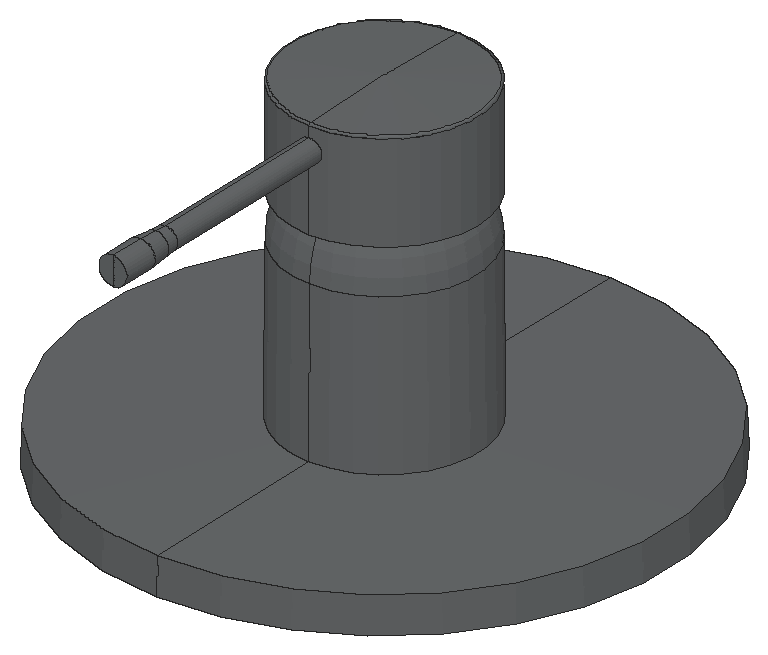
Revit family "Grohe_ShowerMixer_24168KF1", category Plumbing Fixtures, host Face, Revit 2020
Family settings
  Host = Face
  Round Connector Dimension = Use Diameter
  Part Type = Normal
  OmniClass Number = 23.45.05.00
  OmniClass Title = Sanitary Equipment
  Cut with Voids When Loaded = No
  Shared = No
  Room Calculation Point = No
Parameters (values of type "Shower Mixer (24168KF1)")
  _ObjectUserGuide = "https://www.bimstore.co/products/grohe-24168kf1/document/object-user-guide"
  _DistributedBy = "https://www.bimstore.co/"
  _CurrentRevision = 1
  _CreatedBy = "https://www.bimstore.co/"
  _BimSpecGuid = 0
  _BSBibleVersion = 17
  _AuthorizedBy = "bimstore"
  _Author = "RL 171"
  WarrantyStartDate [instance] = "Please Record on Commissioning"
  WarrantyGuarantorParts = "info-uk@grohe.com"
  WarrantyGuarantorLabor = "info-uk@grohe.com"
  WarrantyDurationUnit = "Years"
  WarrantyDurationParts = "0"
  WarrantyDurationLabor = "0"
  WarrantyDescription = "n/a"
  URL = "https://www.grohe.co.uk/en_gb/-24168KF1.html"
  TypeName = "Shower Mixer"
  Type Comments = "Shower Mixer"
  TPIDocumentLink = "https://cdn.cloud.grohe.com/tpi/2000/2100/2180/2189/2189583/original/2189583.pdf"
  SustainabilityReport = "green.grohe.com/reporting"
  SustainabilityAward = "green.grohe.com/awards"
  SpareParts = "info-uk@grohe.com"
  Size = "n/a"
  Shape = "n/a"
  SerialNumber [instance] = "Please Record on Commissioning"
  ReplacementCost = "n/a"
  ReferencedStandard = "n/a"
  ProductionYear = "2023"
  ProductType = "Single Lever Mixer"
  ProductShortText = "Single-lever shower mixer"
  ProductNumber = "24168KF1"
  ProductDescription = "set for final installation for\r\n\r\nGROHE Rapido SmartBox (35 604)\r\n\r\nGROHE SilkMove 46 mm ceramic cartridge\r\n\r\nGROHE Long-Life finish\r\n\r\nGROHE FastFixation escutcheon with covered shaft sealing and covered fixing\r\n\r\nmetal escutcheon, retroactively 6° adjustable\r\n\r\nmetal lever\r\n\r\nflow performance: outlet B or C = 30 l/min\r\n\r\nwithout roughing-in set"
  PrimaryMaterial = Grohe_Black
  PQDiagramLink = "https://cdn.cloud.grohe.com/PQCharts/lores/2/241/original/24168KF1-pqchart-en_GB.svg"
  NominalLength = 0 mm
  NominalHeight = 0 mm
  NominalDepth = 0 mm
  NBSReference = "45-35-70/290"
  NBSOfficeMasterTag = "n/a"
  NBSObjectName = "Grohe - Shower fittings package"
  NBSNote = "n/a"
  NBSDescription = "Shower fittings package"
  ModelReference = "Shower Mixer"
  ModelNumber = "24168KF1"
  Model = "Shower Mixer"
  Material = "n/a"
  ManufacturerName = "Grohe"
  Manufacturer = "Grohe"
  Keynote = "N16"
  InstallationVideo = "n/a"
  InstallationDate [instance] = "Please Record on Commissioning"
  IfcExportType = "IfcPipeFittingType"
  IfcExportAs = "IfcPipeFitting"
  Grade = "n/a"
  GROHESustainability = "green.grohe.com"
  GROHESocialCommittment = "green.grohe.com/social_engagement"
  FullRecyclabilityOfPlastic = "All plastic components are fully recycable"
  Finish = "Black"
  Features = "n/a"
  ExpectedLife = 0
  Ecojoy = no
  DurationUnit = "Years"
  DocumentationTechnical = "https://www.bimstore.co/products/grohe-24168kf1/document/technical-data-sheet"
  DocumentationMaintenance = "https://www.bimstore.co/products/grohe-24168kf1/document/maintenance-information"
  DocumentationLiterature = "https://www.bimstore.co/products/grohe-24168kf1/document/product-literature"
  DocumentationInstallationGuide = "https://www.bimstore.co/products/grohe-24168kf1/document/installation-guide"
  DocumentationCertificates = "https://www.bimstore.co/products/grohe-24168kf1/document/product-certificates"
  DimensionsDocumentLink = "https://cdn.cloud.grohe.com/dimdraw/100000/100000/100000/100000/100040/100043/100043159/1280/100043159.jpg"
  Description = "Shower Mixer"
  Default Elevation = 0 mm
  CreatedOn = "2023-12-05T:09:00:00"
  CreatedBy = "info-uk@grohe.com"
  CradleToCradleCertification = "n/a"
  Cost = 0
  Constituents = "n/a"
  Color = "Grohe_Black"
  CodePerformance = "n/a"
  ClassificationValue = "Pr_40_20_87_55"
  ClassificationName = "Uniclass2015"
  CO2NeutralProduction = "GROHE is one of the first leading manufacturer within the sanitary industry having a CO2-neutral production."
  BarCode [instance] = "Please Record on Commissioning"
  BIMObjectName = "Grohe_ShowerMixer_24168KF1"
  AssetType = "Fixed"
  AssetIdentifier [instance] = "n/a"
  Assembly Code = "D2013"
  AccessibilityPerformance = "n/a"
Reference planes
  plane 1 "Center (Front/Back)": y = 0
  plane 2: z = 0
  plane 3 "Center (Left/Right)": x = 0
Forms (mm)
  Revolve 1, solid, material "Grohe_Black" <- "PrimaryMaterial"
    sketch origin (0, 0, 0) x (0, 1, 0) y (0, 0, 1)
      loop
        line (0, 0) -> (79, 0) -> (78.651, 10.007)
        arc (78.651, 10.007) -> (52.454, 10.263) -> (26.257, 10.418) r 6693.235
        line (26.257, 10.418) -> (25.874, 54.326)
        arc (25.874, 54.326) -> (23.366, 65.215) -> (16.5, 74.032) r 25.875
        line (16.5, 74.032) -> (0, 74.032) -> (0, 0)
      axis (0, 74.032) -> (0, 0)
    angle from 0 to 360
  Revolve 2, solid, material "Grohe_Black" <- "PrimaryMaterial"
    sketch origin (0, 0, 0) x (0, 1, 0) y (0, 0, 1)
      loop
        line (0, 66.715) -> (26.016, 66.715) -> (26.016, 93.655)
        arc (26.016, 93.655) -> (25.855, 94.064) -> (25.457, 94.253) r 0.6
        arc (25.457, 94.253) -> (12.736, 94.899) -> (0, 95.114) r 376.661
        line (0, 95.114) -> (0, 66.715)
      axis (0, 66.715) -> (0, 95.114)
    angle from 0 to 360
  Revolve 3, solid, material "Grohe_Black" <- "PrimaryMaterial"
    sketch origin (0, 0, 0) x (0, 1, 0) y (0, 0, 1)
      loop
        line (0, 87.545) -> (0, 90.718) -> (-75.804, 90.718)
        arc (-75.804, 90.718) -> (-77.536, 90.79) -> (-79.257, 91.004) r 21
        arc (-79.257, 91.004) -> (-81.889, 91.332) -> (-84.539, 91.441) r 32.121
        line (-84.539, 91.441) -> (-93.984, 91.441) -> (-93.984, 87.545) -> (0, 87.545)
      axis (0, 87.545) -> (-93.984, 87.545)
    angle from 0 to 360
Cuts and joins
  joined: Revolve 1, Revolve 2, Revolve 3
Dimensions and locks
  aligned and locked: plane 2 to host face
  aligned and locked: level to host face
